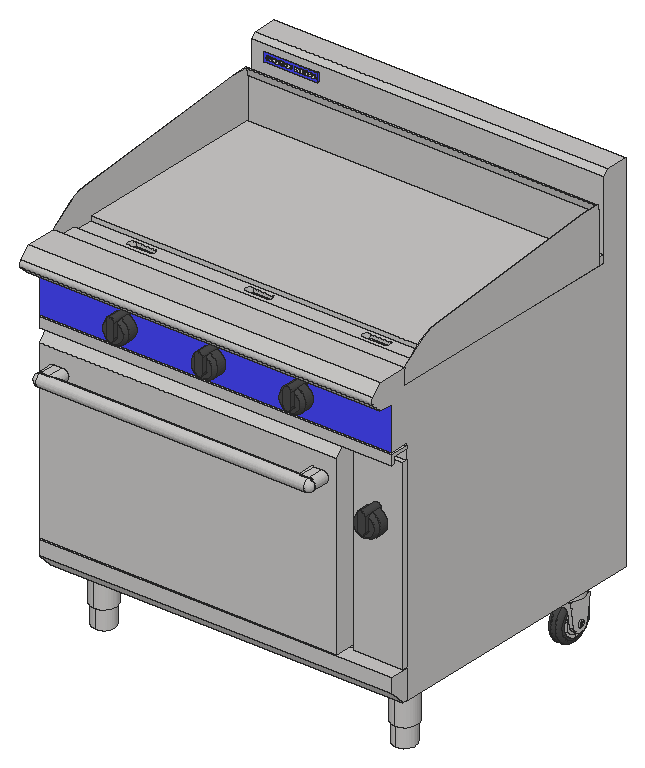
Revit family "QF_MOFFAT_BLUESEAL_CE_G506A", category Specialty Equipment, Revit 2012
Parameters
  Width = 900 mm  # constant formula
  Weight in Pounds = 460
  URL Cutsheet = "www.moffat.com"
  URL = "www.moffat.com"
  Type Mark [instance] = ""
  Status [instance] = ""
  Specification by User [instance] = ""
  Specification by Manufacturer = ""
  Show Logo [instance] = yes
  Show Clearance [instance] = yes
  Show Casters [instance] = yes
  Serial Number = ""
  Seismic Rating = ""
  SMACNA No = ""
  Revision Code [instance] = ""
  Omniclass Number and Title = ""
  NAFEM Spec ID Number = ""
  Model = "G506A"
  Mechanical Remarks = ""
  Mechanical Connection Type [instance] = ""
  Masterspec = ""
  Manufacturer = "MOFFAT BLUESEAL"
  Legs [instance] = not(Show Casters)  # no
  Item Number [instance] = ""
  Installed By [instance] = ""
  Identify Quantity as Lot [instance] = yes
  Height = 970 mm  # constant formula
  Gas Size = 3/4"
  Gas RI Height [instance] = 0 mm
  Gas KW [instance] = 27
  Gas Input [instance] = 91000.0 Btu/h
  Gas Connection Height = 0 mm
  Furnished By [instance] = ""
  Foodservice Equipment Identifier [instance] = yes
  Description = "900MM GAS RANGE WITH STATIC OVEN"
  Depth = 812 mm  # constant formula
  CSI MasterFormat = ""
  CSI Master Format = ""
  Body Finish = QF_Finishes_Stainless Steel
Reference planes
  plane 1 "BACK": y = 0
  plane 2: z = 0
  plane 3 "LEFT": x = 0
  plane 4 "RIGHT": x = 900
  plane 5 "FRONT": y = -812
  plane 6 "TOP": z = 970
  plane 7 "Center Y": x = 450
  plane 8 "Center X": y = -406
  plane 9: x = 280
  plane 10: y = -574.272
  plane 11: x = 60
  plane 12: y = -304.972
  plane 13: y = -364.972
  plane 14: x = 74
  plane 15: y = -812
  plane 16: x = 834.5
  plane 17: y = -32
  plane 18: z = 655
  plane 19: y = -100
  plane 20: z = 1085
  plane 21: y = -705
Forms (mm)
  Extrusion 1, solid, material "QF_Finishes_Stainless Steel" <- "Body Finish"
    sketch origin (0, 0, 0) x (0, 1, 0) y (0, 0, 1)
      loop
        line (0, 150) -> (0, 1085) -> (-57.5, 1085) -> (-70, 1072.5) -> (-70, 875) -> (-705, 875) -> (-705, 915) -> (-783.97, 915) -> (-808.476, 890.494)
        arc (-808.476, 890.494) -> (-811.994, 882) -> (-808.476, 873.506) r 12.013
        line (-808.476, 873.506) -> (-784.97, 850) -> (-749, 850) -> (-749, 740) -> (-699, 740) -> (-699, 150) -> (0, 150)
    from 0 to 900
  Extrusion 2, solid, material "QF_Finishes_Stainless Steel"
    sketch origin (0, 7, 0) x (0, 1, 0) y (0, 0, 1)
      loop
        line (-706, 700) -> (-732, 700) -> (-756, 676) -> (-756, 227.5) -> (-706, 227.5) -> (-706, 700)
    from 0 to 760
  Extrusion 3, solid, material "QF_Finishes_Stainless Steel"
    sketch origin (723.5, 7, 0) x (0, 1, 0) y (0, 0, 1)
      loop
        line (-706, 700) -> (-721, 700) -> (-721, 227.5) -> (-706, 227.5) -> (-706, 700)
    from 51.5 to 176.5
  Revolve 4, solid, material "QF_Finishes_Stainless Steel" <- "Body Finish"
    sketch origin (834.5, -696.126, 0) x (0, 1, 0) y (0, 0, -1)
      loop
        line (39.376, -150) -> (71.126, -150) -> (71.126, 0) -> (43.626, 0) -> (43.626, -50) -> (39.376, -50) -> (39.376, -150)
      axis (71.126, -150) -> (71.126, 0)
    angle from 0 to 360
  Revolve 5, solid, material "QF_Finishes_Stainless Steel" <- "Body Finish"
    sketch origin (65.5, -696.126, 0) x (0, 1, 0) y (0, 0, 1)
      loop
        line (39.376, 150) -> (39.376, 50) -> (43.626, 50) -> (43.626, 0) -> (71.126, 0) -> (71.126, 150) -> (39.376, 150)
      axis (71.126, 150) -> (71.126, 0)
    angle from 0 to 360
  Extrusion 6, solid, material "QF_Finishes_Stainless Steel"
    sketch origin (-64.5, 0, 325) x (1, 0, 0) y (0, 1, 0)
      loop
        circle (834.5, -32) r 10
    from 330 to 371
  Revolve 7, solid, material "QF_Finishes_Black"
    sketch origin (674.351, 45.874, -0.118) x (0, 1, 0) y (0, 0, 1)
      loop
        line (-827.874, 829.5) -> (-838.874, 823.651) -> (-838.874, 797) -> (-794.874, 797) -> (-794.874, 802) -> (-804.874, 802) -> (-804.874, 829.5) -> (-827.874, 829.5)
      axis (-838.874, 797) -> (-794.874, 797)
    angle from 0 to 360
  Revolve 8, solid, material "QF_Finishes_Black"
    sketch origin (223.149, 45.874, -0.118) x (0, 1, 0) y (0, 0, -1)
      loop
        line (-827.874, -829.5) -> (-804.874, -829.5) -> (-804.874, -802) -> (-794.874, -802) -> (-794.874, -797) -> (-838.874, -797) -> (-838.874, -823.651) -> (-827.874, -829.5)
      axis (-838.874, -797) -> (-794.874, -797)
    angle from 0 to 360
  Revolve 9, solid, material "QF_Finishes_Black"
    sketch origin (450, 45.874, -0.118) x (0, 1, 0) y (0, 0, -1)
      loop
        line (-827.874, -829.5) -> (-804.874, -829.5) -> (-804.874, -802) -> (-794.874, -802) -> (-794.874, -797) -> (-838.874, -797) -> (-838.874, -823.651) -> (-827.874, -829.5)
      axis (-838.874, -797) -> (-794.874, -797)
    angle from 0 to 360
  Extrusion 10, solid, material "QF_Finishes_Black"
    sketch origin (370.956, 7, -0.118) x (-1, 0, 0) y (0, 0, -1)
      loop
        arc (158.3, -789) -> (148.3, -779) -> (138.3, -789) r 10
        line (138.3, -789) -> (138.3, -824)
        arc (138.3, -824) -> (148.3, -834) -> (158.3, -824) r 10
        line (158.3, -824) -> (158.3, -789)
    from 759 to 808
  Extrusion 11, solid, material "QF_Finishes_Black"
    sketch origin (526.544, 7, -0.118) x (1, 0, 0) y (0, 0, 1)
      loop
        line (158.3, 789) -> (158.3, 824)
        arc (158.3, 824) -> (148.3, 834) -> (138.3, 824) r 10
        line (138.3, 824) -> (138.3, 789)
        arc (138.3, 789) -> (148.3, 779) -> (158.3, 789) r 10
    from 759 to 808
  Extrusion 12, solid, material "QF_Finishes_Black"
    sketch origin (597.807, 7, -0.118) x (-1, 0, 0) y (0, 0, -1)
      loop
        arc (158.3, -789) -> (148.3, -779) -> (138.3, -789) r 10
        line (138.3, -789) -> (138.3, -824)
        arc (138.3, -824) -> (148.3, -834) -> (158.3, -824) r 10
        line (158.3, -824) -> (158.3, -789)
    from 759 to 808
  Revolve 13, solid, material "QF_Finishes_Black"
    sketch origin (836.851, 80.874, -243.743) x (0, 1, 0) y (0, 0, 1)
      loop
        line (-827.874, 829.5) -> (-838.874, 823.651) -> (-838.874, 797) -> (-794.874, 797) -> (-794.874, 802) -> (-804.874, 802) -> (-804.874, 829.5) -> (-827.874, 829.5)
      axis (-838.874, 797) -> (-794.874, 797)
    angle from 0 to 360
  Extrusion 14, solid, material "QF_Finishes_Black"
    sketch origin (689.044, 42, -243.743) x (1, 0, 0) y (0, 0, 1)
      loop
        line (158.3, 789) -> (158.3, 824)
        arc (158.3, 824) -> (148.3, 834) -> (138.3, 824) r 10
        line (138.3, 824) -> (138.3, 789)
        arc (138.3, 789) -> (148.3, 779) -> (158.3, 789) r 10
    from 759 to 808
  Extrusion 15, solid, material "QF_Door-Drawer Clearances", visible <- "Show Clearance", detail levels coarse
    sketch origin (0, 7, 0) x (0, -1, 0) y (0, 0, 1)
      loop
        line (756, 697.347) -> (756, 227.5) -> (1225.847, 227.5)
        arc (1225.847, 227.5) -> (1088.232, 559.732) -> (756, 697.347) r 469.847
    from 0 to -760
  Extrusion 16, void
    sketch origin (0, 0, 220) x (1, 0, 0) y (0, 1, 0)
      loop
        line (824, -87) -> (824, 0) -> (694, 0) -> (694, -39) -> (744, -87) -> (824, -87)
    from 0 to 476
  Extrusion 17, solid, material "QF_Finishes_Stainless Steel"
    sketch origin (0, -749, 227.5) x (0, 0, 1) y (-1, 0, 0)
      loop
        line (380.625, -38.246) -> (380.625, -58.528)
        arc (380.625, -58.528) -> (395.625, -73.528) -> (410.625, -58.528) r 15
        line (410.625, -58.528) -> (410.625, -38.246)
        arc (410.625, -38.246) -> (395.625, -23.246) -> (380.625, -38.246) r 15
      loop
        arc (380.625, -723.039) -> (395.625, -738.039) -> (410.625, -723.039) r 15
        line (410.625, -723.039) -> (410.625, -702.757)
        arc (410.625, -702.757) -> (395.625, -687.757) -> (380.625, -702.757) r 15
        line (380.625, -702.757) -> (380.625, -723.039)
    from 0 to 44
  Revolve 18, solid, material "QF_Finishes_Stainless Steel"
    sketch origin (0, -793, 0) x (1, 0, 0) y (0, 0, 1)
      loop
        arc (738.039, 623.125) -> (733.646, 633.732) -> (723.039, 638.125) r 15
        line (723.039, 638.125) -> (38.246, 638.125)
        arc (38.246, 638.125) -> (27.64, 633.732) -> (23.246, 623.125) r 15
        line (23.246, 623.125) -> (738.039, 623.125)
      axis (738.039, 623.125) -> (23.246, 623.125)
    angle from 0 to 360
  Extrusion 19, solid, material "QF_Finishes_Stainless Steel" <- "Body Finish"
    sketch origin (0, 7, 0) x (0, 1, 0) y (0, 0, 1)
      loop
        line (-756, 710) -> (-747.224, 710) -> (-749.613, 726.999) -> (-707.93, 726.999) -> (-707.93, 734.003) -> (-756, 734.003) -> (-756, 710)
    from 0 to 900
  Extrusion 20, solid, material "QF_Finishes_Stainless Steel" <- "Body Finish"
    sketch origin (0, 4.73, 0) x (0, 1, 0) y (0, 0, 1)
      loop
        line (-753.73, 222.5) -> (-753.73, 186) -> (-717.802, 150.071) -> (-703.73, 150.071) -> (-703.73, 222.5) -> (-753.73, 222.5)
    from 0 to 900
  Extrusion 21, solid, material "QF_Finishes_Stainless Steel", visible <- "Show Casters"
    sketch origin (71.501, 133.353, -8.783) x (0, 1, 0) y (0, 0, 1)
      loop
        line (-201.603, 118.783) -> (-265.103, 118.783) -> (-252.746, 53.895)
        arc (-252.746, 53.895) -> (-233.353, 38.783) -> (-213.959, 53.895) r 20
        line (-213.959, 53.895) -> (-201.603, 118.783)
    from -35.667 to 22.923
  Revolve 22, solid, material "QF_Finishes_Stainless Steel", visible <- "Show Casters"
    sketch origin (65, -203, 0) x (0, 1, 0) y (0, 0, 1)
      loop
        line (67.25, 150) -> (67.25, 110) -> (103, 110) -> (103, 150) -> (67.25, 150)
      axis (103, 150) -> (103, 110)
    angle from 0 to 360
  Revolve 23, solid, material "QF_Finishes_Stainless Steel", visible <- "Show Casters"
    sketch origin (834.5, -203, 0) x (0, 1, 0) y (0, 0, -1)
      loop
        line (67.25, -150) -> (103, -150) -> (103, -110) -> (67.25, -110) -> (67.25, -150)
      axis (103, -150) -> (103, -110)
    angle from 0 to 360
  Revolve 24, solid, material "QF_Finishes_Stainless Steel", visible <- "Show Casters"
    sketch origin (785.276, -99.755, -13.653) x (1, 0, 0) y (0, 0, 1)
      loop
        line (14.841, 64.453) -> (83.584, 64.453) -> (83.584, 67.958) -> (82.314, 69.228) -> (80.79, 69.228) -> (80.79, 72.674) -> (68.644, 72.674) -> (68.644, 82.639) -> (65.088, 84.692) -> (63.738, 93.028) -> (65.881, 93.028) -> (65.881, 99.378) -> (65.088, 99.378) -> (65.088, 105.728)
        arc (65.088, 105.728) -> (62.298, 112.463) -> (55.563, 115.253) r 9.525
        line (55.563, 115.253) -> (42.863, 115.253)
        arc (42.863, 115.253) -> (36.127, 112.463) -> (33.338, 105.728) r 9.525
        line (33.338, 105.728) -> (33.338, 99.378) -> (32.544, 99.378) -> (32.544, 93.028) -> (34.687, 93.028) -> (33.352, 84.781) -> (29.782, 82.719) -> (29.782, 72.674) -> (17.635, 72.674) -> (17.635, 69.228) -> (16.111, 69.228) -> (14.841, 67.958) -> (14.841, 64.453)
      axis (14.841, 64.453) -> (83.584, 64.453)
    angle from 0 to 360
  Extrusion 25, solid, material "QF_Finishes_Stainless Steel", visible <- "Show Casters"
    sketch origin (841.001, 133.353, -8.783) x (0, 1, 0) y (0, 0, 1)
      loop
        line (-201.603, 118.783) -> (-265.103, 118.783) -> (-252.746, 53.895)
        arc (-252.746, 53.895) -> (-233.353, 38.783) -> (-213.959, 53.895) r 20
        line (-213.959, 53.895) -> (-201.603, 118.783)
    from -35.667 to 22.923
  Revolve 26, solid, material "QF_Finishes_Stainless Steel", visible <- "Legs"
    sketch origin (65, -165, 0) x (0, 1, 0) y (0, 0, 1)
      loop
        line (33.25, 150) -> (33.25, 50) -> (37.5, 50) -> (37.5, 0) -> (65, 0) -> (65, 150) -> (33.25, 150)
      axis (65, 150) -> (65, 0)
    angle from 0 to 360
  Revolve 27, solid, material "QF_Finishes_Stainless Steel", visible <- "Legs"
    sketch origin (834.5, -165, 0) x (0, 1, 0) y (0, 0, -1)
      loop
        line (33.25, -150) -> (65, -150) -> (65, 0) -> (37.5, 0) -> (37.5, -50) -> (33.25, -50) -> (33.25, -150)
      axis (65, -150) -> (65, 0)
    angle from 0 to 360
  Revolve 28, solid, material "QF_Finishes_Stainless Steel", visible <- "Show Casters"
    sketch origin (114.224, -99.755, -13.653) x (-1, 0, 0) y (0, 0, -1)
      loop
        line (14.841, -64.453) -> (14.841, -67.958) -> (16.111, -69.228) -> (17.635, -69.228) -> (17.635, -72.674) -> (29.782, -72.674) -> (29.782, -82.719) -> (33.352, -84.781) -> (34.687, -93.028) -> (32.544, -93.028) -> (32.544, -99.378) -> (33.338, -99.378) -> (33.338, -105.728)
        arc (33.338, -105.728) -> (36.127, -112.463) -> (42.863, -115.253) r 9.525
        line (42.863, -115.253) -> (55.563, -115.253)
        arc (55.563, -115.253) -> (62.298, -112.463) -> (65.088, -105.728) r 9.525
        line (65.088, -105.728) -> (65.088, -99.378) -> (65.881, -99.378) -> (65.881, -93.028) -> (63.738, -93.028) -> (65.088, -84.692) -> (68.644, -82.639) -> (68.644, -72.674) -> (80.79, -72.674) -> (80.79, -69.228) -> (82.314, -69.228) -> (83.584, -67.958) -> (83.584, -64.453) -> (14.841, -64.453)
      axis (14.841, -64.453) -> (83.584, -64.453)
    angle from 0 to 360
Cuts and joins
  Extrusion 16 cuts Extrusion 1
Lines and regions (mm)
  Split face 1
    outline origin (900, 0, 1085) x (-1, 0, 0) y (0, -1, 0)
      loop
        arc (867.206, 18.385) -> (875.866, 23.385) -> (875.866, 33.385) r 10
        line (875.866, 33.385) -> (871.824, 40.385)
        arc (871.824, 40.385) -> (868.164, 44.045) -> (863.164, 45.385) r 10
        line (863.164, 45.385) -> (635.206, 45.385)
        arc (635.206, 45.385) -> (626.545, 40.385) -> (626.545, 30.385) r 10
        line (626.545, 30.385) -> (630.587, 23.385)
        arc (630.587, 23.385) -> (634.247, 19.725) -> (639.247, 18.385) r 10
        line (639.247, 18.385) -> (867.206, 18.385)
  Split face 2
    outline origin (900, 0, 1085) x (-1, 0, 0) y (0, -1, 0)
      loop
        arc (567.206, 18.385) -> (575.866, 23.385) -> (575.866, 33.385) r 10
        line (575.866, 33.385) -> (571.824, 40.385)
        arc (571.824, 40.385) -> (568.164, 44.045) -> (563.164, 45.385) r 10
        line (563.164, 45.385) -> (335.206, 45.385)
        arc (335.206, 45.385) -> (326.545, 40.385) -> (326.545, 30.385) r 10
        line (326.545, 30.385) -> (330.587, 23.385)
        arc (330.587, 23.385) -> (334.247, 19.725) -> (339.247, 18.385) r 10
        line (339.247, 18.385) -> (567.206, 18.385)
  Split face 3
    outline origin (900, 0, 1085) x (-1, 0, 0) y (0, -1, 0)
      loop
        arc (35.206, 45.385) -> (26.545, 40.385) -> (26.545, 30.385) r 10
        line (26.545, 30.385) -> (30.587, 23.385)
        arc (30.587, 23.385) -> (34.247, 19.725) -> (39.247, 18.385) r 10
        line (39.247, 18.385) -> (267.206, 18.385)
        arc (267.206, 18.385) -> (275.866, 23.385) -> (275.866, 33.385) r 10
        line (275.866, 33.385) -> (271.824, 40.385)
        arc (271.824, 40.385) -> (268.164, 44.045) -> (263.164, 45.385) r 10
        line (263.164, 45.385) -> (35.206, 45.385)
  symbolic lines
    curve 1: line (0, 0, 0) -> (0, -812, 0)
    curve 2: line (900, 0, 0) -> (0, 0, 0)
    curve 3: line (900, -812, 0) -> (900, 0, 0)
    curve 4: line (0, -70, 0) -> (900, -70, 0)
    curve 5: line (900, -812, 0) -> (0, -812, 0)
    curve 6: line (900, -705, 0) -> (0, -705, 0)
    curve 7: line (0, -701.7, 0) -> (900, -701.7, 0)
    curve 8: line (900, -72.734, 0) -> (0, -72.734, 0)
    curve 9: arc (22.65, -812, 0) -> (34.104, -822.278, 0) -> (48.889, -826.544, 0) r 34.455
    curve 10: line (48.889, -826.544, 0) -> (721.858, -826.544, 0)
    curve 11: arc (721.858, -826.544, 0) -> (736.403, -822.647, 0) -> (747.05, -812, 0) r 29.089
    curve 15: line (32.794, -18.385, 0) -> (260.753, -18.385, 0)
    curve 16: arc (260.753, -18.385, 0) -> (265.753, -19.725, 0) -> (269.413, -23.385, 0) r 10
    curve 17: line (269.413, -23.385, 0) -> (273.455, -30.385, 0)
    curve 18: arc (273.455, -30.385, 0) -> (273.455, -40.385, 0) -> (264.794, -45.385, 0) r 10
    curve 19: line (264.794, -45.385, 0) -> (36.836, -45.385, 0)
    curve 20: arc (36.836, -45.385, 0) -> (31.836, -44.045, 0) -> (28.176, -40.385, 0) r 10
    curve 21: line (28.176, -40.385, 0) -> (24.134, -33.385, 0)
    curve 22: arc (24.134, -33.385, 0) -> (24.134, -23.385, 0) -> (32.794, -18.385, 0) r 10
    curve 23: line (560.753, -18.385, 0) -> (332.794, -18.385, 0)
    curve 24: arc (332.794, -18.385, 0) -> (324.134, -23.385, 0) -> (324.134, -33.385, 0) r 10
    curve 25: line (324.134, -33.385, 0) -> (328.176, -40.385, 0)
    curve 26: arc (328.176, -40.385, 0) -> (331.836, -44.045, 0) -> (336.836, -45.385, 0) r 10
    curve 27: line (336.836, -45.385, 0) -> (564.794, -45.385, 0)
    curve 28: arc (564.794, -45.385, 0) -> (573.455, -40.385, 0) -> (573.455, -30.385, 0) r 10
    curve 29: line (573.455, -30.385, 0) -> (569.413, -23.385, 0)
    curve 30: arc (569.413, -23.385, 0) -> (565.753, -19.725, 0) -> (560.753, -18.385, 0) r 10
    curve 31: line (632.794, -18.385, 0) -> (860.753, -18.385, 0)
    curve 32: arc (860.753, -18.385, 0) -> (865.753, -19.725, 0) -> (869.413, -23.385, 0) r 10
    curve 33: line (869.413, -23.385, 0) -> (873.455, -30.385, 0)
    curve 34: arc (873.455, -30.385, 0) -> (873.455, -40.385, 0) -> (864.794, -45.385, 0) r 10
    curve 35: line (864.794, -45.385, 0) -> (636.836, -45.385, 0)
    curve 36: arc (636.836, -45.385, 0) -> (631.836, -44.045, 0) -> (628.176, -40.385, 0) r 10
    curve 37: line (628.176, -40.385, 0) -> (624.134, -33.385, 0)
    curve 38: arc (624.134, -33.385, 0) -> (624.134, -23.385, 0) -> (632.794, -18.385, 0) r 10
    curve 39: line (0, -783.97, 0) -> (900, -783.97, 0)
    curve 40: line (0, -57.5, 0) -> (900, -57.5, 0)
  symbolic lines, style "QF_Door-Drawer Clearances", visible <- "Show Clearance"
    curve 12: line (0, -1218.847, 0) -> (0, -812, 0)
    curve 13: line (0, -1218.847, 0) -> (760, -1218.847, 0)
    curve 14: line (760, -1218.847, 0) -> (760, -812, 0)
Dimensions and locks
  equal spacing: plane 3 "LEFT", plane 7 "Center Y", plane 4 "RIGHT"
  "Width": plane 3 "LEFT" to plane 4 "RIGHT"
  equal spacing: plane 5 "FRONT", plane 8 "Center X", plane 1 "BACK"
  plane 5 "FRONT" to plane 1 "BACK" = 812 mm  (x2)
  equal spacing: plane 4 "RIGHT", plane 7 "Center Y", plane 3 "LEFT"
  plane 4 "RIGHT" to plane 3 "LEFT" = 900 mm
  "Height": plane 6 "TOP" to level
  plane 10 to plane 1 "BACK" = 574.272 mm
  plane 12 to plane 1 "BACK" = 304.972 mm  (x2)
  plane 11 to plane 3 "LEFT" = 60 mm
  plane 14 to plane 3 "LEFT" = 74 mm
  plane 9 to plane 3 "LEFT" = 280 mm
  "Depth": plane 1 "BACK" to plane 15
  plane 15 to plane 5 "FRONT" = 0 mm
  plane 6 "TOP" to plane 2 = 970 mm
  plane 2 to Extrusion 1 sketch curve = 875 mm
  locked: plane 2 to Extrusion 1 sketch curve at 915
  Revolve 24 sketch curve to Revolve 24 sketch curve = 50.8 mm
  Revolve 28 sketch curve to Revolve 28 sketch curve = 50.8 mm
  plane 20 to level = 1085 mm
  aligned and locked: level to plane 2
  aligned and locked: curve 3 to plane 4 "RIGHT"
Automatic sketch dimensions
  Extrusion 1 sketch curve to plane 21 = 0 mm
  Extrusion 1 sketch curve to plane 20 = 0 mm
  Extrusion 1 sketch curve to plane 1 "BACK" = 0 mm
  plane 21 to Extrusion 1 sketch curve = 44 mm
  Extrusion 1 sketch curve to plane 5 "FRONT" = 28.03 mm
  Extrusion 1 sketch curve to plane 5 "FRONT" = 27.03 mm
  Extrusion 1 sketch curve to plane 5 "FRONT" = 12.018 mm
  Extrusion 1 sketch curve to plane 5 "FRONT" = 3.524 mm  (x2)
  Extrusion 1 sketch curve to plane 21 = 6 mm
  Extrusion 1 sketch curve to plane 20 = 12.5 mm
  plane 19 to Extrusion 1 sketch curve = 30 mm
  Extrusion 1 sketch curve to Extrusion 1 sketch curve = 12.5 mm
  Extrusion 1 sketch curve to Extrusion 1 sketch curve = 41.494 mm
  Extrusion 1 sketch curve to Extrusion 1 sketch curve = 25 mm
  plane 18 to Extrusion 1 sketch curve = 85 mm
  level to Extrusion 1 sketch curve = 150 mm
  Extrusion 1 sketch curve to Extrusion 1 sketch curve = 8.494 mm
  plane 21 to Extrusion 2 sketch curve = 20 mm
  Extrusion 2 sketch curve to plane 21 = 6 mm
  level to Extrusion 2 sketch curve = 227.5 mm
  plane 21 to Extrusion 3 sketch curve = 9 mm
  Extrusion 3 sketch curve to plane 21 = 6 mm
  level to Extrusion 3 sketch curve = 227.5 mm
  plane 18 to Extrusion 3 sketch curve = 45 mm
  Revolve 4 sketch curve to level = 0 mm
  Revolve 4 sketch curve to plane 21 = 48.25 mm
  Revolve 4 sketch curve to Revolve 4 sketch curve = 4.25 mm
  Revolve 4 sketch curve to Revolve 4 sketch curve = 27.5 mm  (x2)
  level to Revolve 4 sketch curve = 50 mm
  Revolve 4 sketch curve to Revolve 4 sketch curve = 0 mm
  Revolve 4 sketch curve to Revolve 4 sketch curve = 100 mm
  Revolve 4 sketch curve to Revolve 4 sketch curve = 55 mm
  Revolve 5 sketch curve to level = 0 mm
  Revolve 5 sketch curve to plane 21 = 48.25 mm
  Revolve 5 sketch curve to Revolve 5 sketch curve = 4.25 mm
  Revolve 5 sketch curve to Revolve 5 sketch curve = 27.5 mm  (x2)
  Revolve 5 sketch curve to level = 55 mm
  Revolve 5 sketch curve to Revolve 5 sketch curve = 50 mm
  Revolve 5 sketch curve to Revolve 5 sketch curve = 0 mm
  Revolve 5 sketch curve to Revolve 5 sketch curve = 100 mm
  Extrusion 6 sketch curve to plane 17 = 0 mm
  Extrusion 6 sketch curve to plane 16 = 64.5 mm
  Revolve 7 sketch curve to plane 5 "FRONT" = 19 mm
  Revolve 7 sketch curve to Revolve 7 sketch curve = 0 mm  (x2)
  Revolve 7 sketch curve to Revolve 7 sketch curve = 11 mm
  Revolve 7 sketch curve to Revolve 7 sketch curve = 12.7 mm
  Revolve 7 sketch curve to Revolve 7 sketch curve = 23 mm
  Revolve 7 sketch curve to Revolve 7 sketch curve = 10 mm
  plane 18 to Revolve 7 sketch curve = 141.882 mm
  Revolve 7 sketch curve to Revolve 7 sketch curve = 5 mm
  Revolve 7 sketch curve to Revolve 7 sketch curve = 26.651 mm
  Revolve 7 sketch curve to Revolve 7 sketch curve = 5.849 mm
  Revolve 8 sketch curve to plane 5 "FRONT" = 19 mm
  Revolve 8 sketch curve to Revolve 8 sketch curve = 0 mm  (x2)
  Revolve 8 sketch curve to Revolve 8 sketch curve = 11 mm
  Revolve 8 sketch curve to Revolve 8 sketch curve = 12.7 mm
  Revolve 8 sketch curve to Revolve 8 sketch curve = 23 mm
  Revolve 8 sketch curve to Revolve 8 sketch curve = 10 mm
  Revolve 8 sketch curve to plane 6 "TOP" = 140.618 mm
  Revolve 8 sketch curve to Revolve 8 sketch curve = 5.849 mm
  Revolve 8 sketch curve to Revolve 8 sketch curve = 27.5 mm
  Revolve 8 sketch curve to Revolve 8 sketch curve = 5 mm
  Revolve 9 sketch curve to plane 5 "FRONT" = 19 mm
  Revolve 9 sketch curve to Revolve 9 sketch curve = 0 mm  (x2)
  Revolve 9 sketch curve to Revolve 9 sketch curve = 11 mm
  Revolve 9 sketch curve to Revolve 9 sketch curve = 12.7 mm
  Revolve 9 sketch curve to Revolve 9 sketch curve = 23 mm
  Revolve 9 sketch curve to Revolve 9 sketch curve = 10 mm
  Revolve 9 sketch curve to plane 6 "TOP" = 140.618 mm
  Revolve 9 sketch curve to Revolve 9 sketch curve = 5.849 mm
  Revolve 9 sketch curve to Revolve 9 sketch curve = 27.5 mm
  Revolve 9 sketch curve to Revolve 9 sketch curve = 5 mm
  plane 14 to Extrusion 10 sketch curve = 158.656 mm
  Extrusion 10 sketch curve to Extrusion 10 sketch curve = 10 mm
  Extrusion 10 sketch curve to plane 6 "TOP" = 146.118 mm
  Extrusion 10 sketch curve to Extrusion 10 sketch curve = 35 mm
  Extrusion 11 sketch curve to plane 16 = 169.656 mm
  Extrusion 11 sketch curve to plane 16 = 159.656 mm
  plane 18 to Extrusion 11 sketch curve = 133.882 mm
  Extrusion 11 sketch curve to Extrusion 11 sketch curve = 35 mm
  plane 7 "Center Y" to Extrusion 12 sketch curve = 9.507 mm
  Extrusion 12 sketch curve to Extrusion 12 sketch curve = 10 mm
  Extrusion 12 sketch curve to plane 6 "TOP" = 146.118 mm
  Extrusion 12 sketch curve to Extrusion 12 sketch curve = 35 mm
  Revolve 13 sketch curve to plane 5 "FRONT" = 54 mm
  Revolve 13 sketch curve to Revolve 13 sketch curve = 0 mm  (x2)
  Revolve 13 sketch curve to Revolve 13 sketch curve = 11 mm
  Revolve 13 sketch curve to Revolve 13 sketch curve = 12.7 mm
  plane 21 to Revolve 13 sketch curve = 19 mm
  plane 21 to Revolve 13 sketch curve = 9 mm
  Revolve 13 sketch curve to plane 18 = 101.743 mm
  Revolve 13 sketch curve to Revolve 13 sketch curve = 5 mm
  Revolve 13 sketch curve to Revolve 13 sketch curve = 26.651 mm
  Revolve 13 sketch curve to Revolve 13 sketch curve = 5.849 mm
  Extrusion 14 sketch curve to plane 16 = 7.156 mm
  plane 16 to Extrusion 14 sketch curve = 2.844 mm
  Extrusion 14 sketch curve to plane 18 = 109.743 mm
  Extrusion 14 sketch curve to Extrusion 14 sketch curve = 35 mm
  plane 21 to Extrusion 15 sketch curve = 44 mm
  level to Extrusion 15 sketch curve = 227.5 mm
  plane 5 "FRONT" to Extrusion 15 sketch curve = 406.847 mm
  plane 1 "BACK" to Extrusion 16 sketch curve = 0 mm
  Extrusion 16 sketch curve to plane 17 = 7 mm
  Extrusion 16 sketch curve to plane 16 = 140.5 mm
  plane 19 to Extrusion 16 sketch curve = 13 mm
  Extrusion 16 sketch curve to Extrusion 16 sketch curve = 50 mm
  Extrusion 16 sketch curve to plane 16 = 10.5 mm
  Extrusion 17 sketch curve to plane 11 = 1.472 mm
  Extrusion 17 sketch curve to plane 18 = 46.875 mm  (x2)
  Extrusion 17 sketch curve to Extrusion 17 sketch curve = 15 mm  (x2)
  Extrusion 17 sketch curve to plane 16 = 131.743 mm
  Extrusion 17 sketch curve to Extrusion 17 sketch curve = 20.282 mm  (x2)
  Revolve 18 sketch curve to plane 3 "LEFT" = 6.961 mm
  plane 3 "LEFT" to Revolve 18 sketch curve = 23.246 mm
  Revolve 18 sketch curve to plane 18 = 16.875 mm
  Revolve 18 sketch curve to Revolve 18 sketch curve = 15 mm
  Revolve 18 sketch curve to plane 18 = 31.875 mm
  plane 7 "Center Y" to Revolve 18 sketch curve = 138.039 mm
  Revolve 18 sketch curve to plane 16 = 111.461 mm
  plane 21 to Extrusion 19 sketch curve = 44 mm
  Extrusion 19 sketch curve to Extrusion 19 sketch curve = 6.387 mm
  Extrusion 19 sketch curve to Extrusion 19 sketch curve = 8.776 mm
  Extrusion 19 sketch curve to plane 21 = 4.07 mm
  plane 18 to Extrusion 19 sketch curve = 55 mm
  Extrusion 19 sketch curve to Extrusion 19 sketch curve = 16.999 mm
  Extrusion 19 sketch curve to Extrusion 19 sketch curve = 7.004 mm
  Extrusion 21 sketch curve to plane 19 = 0 mm
  Extrusion 21 sketch curve to plane 19 = 19.393 mm
  Extrusion 21 sketch curve to plane 19 = 31.75 mm
  plane 19 to Extrusion 21 sketch curve = 19.393 mm
  plane 19 to Extrusion 21 sketch curve = 31.75 mm
  level to Extrusion 21 sketch curve = 45.111 mm
  Extrusion 21 sketch curve to Extrusion 21 sketch curve = 4.889 mm
  Extrusion 21 sketch curve to Extrusion 21 sketch curve = 64.889 mm
  Revolve 22 sketch curve to plane 19 = 0 mm  (x2)
  Revolve 22 sketch curve to plane 19 = 35.75 mm
  Revolve 22 sketch curve to level = 55 mm
  level to Revolve 22 sketch curve = 50 mm
  Revolve 22 sketch curve to Revolve 22 sketch curve = 60 mm
  Revolve 22 sketch curve to Revolve 22 sketch curve = 40 mm
  Revolve 23 sketch curve to plane 19 = 0 mm  (x2)
  Revolve 23 sketch curve to plane 19 = 35.75 mm
  level to Revolve 23 sketch curve = 150 mm
  Revolve 23 sketch curve to Revolve 23 sketch curve = 40 mm
  level to Revolve 23 sketch curve = 50 mm
  Revolve 23 sketch curve to level = 55 mm
  Revolve 24 sketch curve to plane 16 = 34.382 mm
  Revolve 24 sketch curve to Revolve 24 sketch curve = 1.27 mm  (x4)
  Revolve 24 sketch curve to Revolve 24 sketch curve = 1.524 mm  (x2)
  Revolve 24 sketch curve to Revolve 24 sketch curve = 12.146 mm  (x2)
  Revolve 24 sketch curve to plane 16 = 16.68 mm
  Revolve 24 sketch curve to Revolve 24 sketch curve = 0.794 mm  (x2)
  Revolve 24 sketch curve to Revolve 24 sketch curve = 3.57 mm
  Revolve 24 sketch curve to Revolve 24 sketch curve = 2.143 mm
  Revolve 24 sketch curve to plane 16 = 6.361 mm
  plane 16 to Revolve 24 sketch curve = 5.13 mm
  plane 16 to Revolve 24 sketch curve = 6.339 mm
  plane 16 to Revolve 24 sketch curve = 14.515 mm
  Revolve 24 sketch curve to Revolve 24 sketch curve = 1.349 mm  (x2)
  Revolve 24 sketch curve to Revolve 24 sketch curve = 3.556 mm
  Revolve 24 sketch curve to plane 4 "RIGHT" = 2.18 mm
  level to Revolve 24 sketch curve = 50.8 mm
  Revolve 24 sketch curve to Revolve 24 sketch curve = 0 mm
  Revolve 24 sketch curve to Revolve 24 sketch curve = 3.505 mm  (x2)
  Revolve 24 sketch curve to Revolve 24 sketch curve = 3.447 mm  (x2)
  Revolve 24 sketch curve to Revolve 24 sketch curve = 9.964 mm
  Revolve 24 sketch curve to Revolve 24 sketch curve = 10.045 mm
  Revolve 24 sketch curve to Revolve 24 sketch curve = 2.053 mm
  Revolve 24 sketch curve to Revolve 24 sketch curve = 2.061 mm
  Revolve 24 sketch curve to Revolve 24 sketch curve = 8.247 mm
  Revolve 24 sketch curve to Revolve 24 sketch curve = 8.336 mm
  Revolve 24 sketch curve to Revolve 24 sketch curve = 6.35 mm  (x2)
  Extrusion 25 sketch curve to plane 19 = 0 mm
  Extrusion 25 sketch curve to plane 19 = 19.393 mm
  Extrusion 25 sketch curve to plane 19 = 31.75 mm
  plane 19 to Extrusion 25 sketch curve = 19.393 mm
  plane 19 to Extrusion 25 sketch curve = 31.75 mm
  level to Extrusion 25 sketch curve = 45.111 mm
  Extrusion 25 sketch curve to Extrusion 25 sketch curve = 4.889 mm
  Extrusion 25 sketch curve to Extrusion 25 sketch curve = 64.889 mm
  Revolve 26 sketch curve to level = 0 mm
  Revolve 26 sketch curve to plane 19 = 0 mm  (x2)
  Revolve 26 sketch curve to Revolve 26 sketch curve = 27.5 mm
  Revolve 26 sketch curve to Revolve 26 sketch curve = 31.75 mm
  Revolve 26 sketch curve to level = 55 mm
  Revolve 26 sketch curve to Revolve 26 sketch curve = 50 mm
  Revolve 26 sketch curve to Revolve 26 sketch curve = 0 mm
  Revolve 26 sketch curve to Revolve 26 sketch curve = 100 mm
  Revolve 27 sketch curve to level = 0 mm
  Revolve 27 sketch curve to plane 19 = 0 mm  (x2)
  Revolve 27 sketch curve to Revolve 27 sketch curve = 27.5 mm
  Revolve 27 sketch curve to Revolve 27 sketch curve = 31.75 mm
  level to Revolve 27 sketch curve = 50 mm
  Revolve 27 sketch curve to Revolve 27 sketch curve = 0 mm
  Revolve 27 sketch curve to Revolve 27 sketch curve = 100 mm
  Revolve 27 sketch curve to Revolve 27 sketch curve = 55 mm
  plane 14 to Revolve 28 sketch curve = 25.382 mm
  Revolve 28 sketch curve to Revolve 28 sketch curve = 1.27 mm  (x4)
  Revolve 28 sketch curve to Revolve 28 sketch curve = 1.524 mm  (x2)
  plane 14 to Revolve 28 sketch curve = 10.442 mm
  plane 14 to Revolve 28 sketch curve = 7.68 mm
  Revolve 28 sketch curve to Revolve 28 sketch curve = 0.794 mm  (x2)
  Revolve 28 sketch curve to Revolve 28 sketch curve = 3.57 mm
  Revolve 28 sketch curve to Revolve 28 sketch curve = 2.143 mm
  Revolve 28 sketch curve to plane 14 = 2.639 mm
  Revolve 28 sketch curve to plane 11 = 0.13 mm
  Revolve 28 sketch curve to plane 11 = 1.339 mm
  Revolve 28 sketch curve to plane 11 = 9.515 mm
  Revolve 28 sketch curve to Revolve 28 sketch curve = 1.349 mm  (x2)
  Revolve 28 sketch curve to Revolve 28 sketch curve = 3.556 mm
  Revolve 28 sketch curve to Revolve 28 sketch curve = 12.146 mm
  Revolve 28 sketch curve to plane 3 "LEFT" = 2.68 mm
  level to Revolve 28 sketch curve = 101.6 mm
  Revolve 28 sketch curve to Revolve 28 sketch curve = 6.35 mm  (x4)
  Revolve 28 sketch curve to Revolve 28 sketch curve = 8.247 mm
  Revolve 28 sketch curve to Revolve 28 sketch curve = 8.336 mm
  Revolve 28 sketch curve to Revolve 28 sketch curve = 2.061 mm
  Revolve 28 sketch curve to Revolve 28 sketch curve = 2.053 mm
  Revolve 28 sketch curve to Revolve 28 sketch curve = 10.045 mm
  Revolve 28 sketch curve to Revolve 28 sketch curve = 9.964 mm
  Revolve 28 sketch curve to Revolve 28 sketch curve = 3.447 mm  (x2)
  Revolve 28 sketch curve to Revolve 28 sketch curve = 3.505 mm
  plane 1 "BACK" to curve 1 = 0 mm
  curve 1 to plane 3 "LEFT" = 0 mm
  plane 5 "FRONT" to curve 9 = 0 mm
  plane 21 to curve 6 = 0 mm
  plane 3 "LEFT" to curve 9 = 22.65 mm
  curve 10 to plane 11 = 11.111 mm
  curve 9 to plane 11 = 9.192 mm
  plane 5 "FRONT" to curve 10 = 14.544 mm
  curve 10 to plane 16 = 112.642 mm
  curve 11 to curve 11 = 25.191 mm
  curve 13 to plane 16 = 74.5 mm
  curve 12 to curve 10 = 392.303 mm
  curve 8 to curve 4 = 2.734 mm
  Split face 1 sketch curve to cut or joined group of Extrusion 1, Extrusion 16 = 27.115 mm
  Split face 1 sketch curve to cut or joined group of Extrusion 1, Extrusion 16 = 626.545 mm
  Split face 1 sketch curve to Split face 1 sketch curve = 4.041 mm  (x4)
  Split face 1 sketch curve to Split face 1 sketch curve = 8.66 mm  (x2)
  Split face 1 sketch curve to cut or joined group of Extrusion 1, Extrusion 16 = 12.115 mm
  Split face 1 sketch curve to Split face 1 sketch curve = 223.917 mm
  Split face 1 sketch curve to Split face 1 sketch curve = 7 mm  (x3)
  Split face 1 sketch curve to Split face 1 sketch curve = 17 mm
  Split face 2 sketch curve to cut or joined group of Extrusion 1, Extrusion 16 = 27.115 mm
  Split face 2 sketch curve to cut or joined group of Extrusion 1, Extrusion 16 = 326.545 mm
  Split face 2 sketch curve to cut or joined group of Extrusion 1, Extrusion 16 = 23.385 mm
  Split face 2 sketch curve to Split face 2 sketch curve = 4.041 mm  (x3)
  Split face 2 sketch curve to Split face 2 sketch curve = 8.66 mm  (x3)
  Split face 2 sketch curve to cut or joined group of Extrusion 1, Extrusion 16 = 12.115 mm
  Split face 2 sketch curve to Split face 2 sketch curve = 223.917 mm
  Split face 2 sketch curve to cut or joined group of Extrusion 1, Extrusion 16 = 18.385 mm
  Split face 2 sketch curve to Split face 2 sketch curve = 10 mm
  Split face 2 sketch curve to Split face 2 sketch curve = 7 mm
  Split face 3 sketch curve to cut or joined group of Extrusion 1, Extrusion 16 = 27.115 mm
  Split face 3 sketch curve to cut or joined group of Extrusion 1, Extrusion 16 = 26.545 mm
  Split face 3 sketch curve to cut or joined group of Extrusion 1, Extrusion 16 = 23.385 mm
  Split face 3 sketch curve to Split face 3 sketch curve = 4.041 mm  (x4)
  Split face 3 sketch curve to Split face 3 sketch curve = 8.66 mm  (x2)
  Split face 3 sketch curve to cut or joined group of Extrusion 1, Extrusion 16 = 22.115 mm
  Split face 3 sketch curve to Split face 3 sketch curve = 223.917 mm
  Split face 3 sketch curve to cut or joined group of Extrusion 1, Extrusion 16 = 17.115 mm
  Split face 3 sketch curve to Split face 3 sketch curve = 17 mm
  Split face 3 sketch curve to Split face 3 sketch curve = 7 mm
  curve 21 to plane 17 = 1.385 mm
  plane 3 "LEFT" to curve 21 = 24.134 mm
  curve 21 to plane 17 = 8.385 mm
  curve 21 to curve 21 = 4.041 mm
  plane 17 to curve 22 = 3.615 mm
  curve 22 to curve 22 = 8.66 mm
  curve 20 to curve 20 = 8.66 mm
  plane 17 to curve 16 = 3.615 mm
  curve 16 to plane 9 = 19.247 mm
  curve 18 to plane 17 = 3.385 mm
  curve 16 to curve 18 = 4.041 mm
  plane 17 to curve 17 = 8.615 mm
  plane 17 to curve 18 = 1.615 mm
  curve 18 to plane 9 = 6.545 mm
  curve 24 to plane 17 = 1.385 mm
  plane 9 to curve 24 = 44.134 mm
  curve 25 to curve 26 = 4.041 mm
  curve 24 to curve 23 = 8.66 mm
  curve 26 to plane 17 = 3.385 mm
  curve 24 to curve 26 = 4.041 mm
  plane 17 to curve 30 = 13.615 mm
  curve 28 to plane 17 = 3.385 mm
  curve 30 to curve 28 = 4.041 mm
  plane 17 to curve 29 = 8.615 mm
  curve 23 to curve 29 = 8.66 mm
  plane 17 to curve 28 = 1.615 mm
  curve 29 to curve 28 = 4.041 mm
  curve 37 to plane 17 = 1.385 mm
  curve 37 to plane 17 = 8.385 mm
  curve 37 to curve 37 = 4.041 mm
  plane 17 to curve 31 = 13.615 mm
  curve 38 to curve 31 = 8.66 mm
  curve 37 to curve 35 = 8.66 mm
  plane 16 to curve 31 = 26.253 mm
  curve 32 to curve 35 = 4.041 mm
  plane 17 to curve 33 = 8.615 mm
  curve 31 to curve 33 = 8.66 mm
  plane 17 to curve 33 = 1.615 mm
  curve 32 to curve 33 = 4.041 mm
  curve 36 to curve 37 = 5 mm
  curve 29 to curve 37 = 50.679 mm
  plane 7 "Center Y" to curve 23 = 110.753 mm
  curve 6 to curve 7 = 3.3 mm
  plane 19 to curve 8 = 27.266 mm
  curve 39 to plane 5 "FRONT" = 28.03 mm
  curve 4 to curve 40 = 12.5 mm
  plane 21 to Extrusion 20 sketch curve = 44 mm
  plane 21 to Extrusion 20 sketch curve = 8.071 mm
  Extrusion 20 sketch curve to plane 21 = 6 mm
  level to Extrusion 20 sketch curve = 150.071 mm
  Extrusion 20 sketch curve to Extrusion 20 sketch curve = 35.929 mm
  Extrusion 20 sketch curve to Extrusion 20 sketch curve = 36.5 mm
  plane 21 to Extrusion 2 sketch curve = 44 mm
  plane 18 to Extrusion 2 sketch curve = 21 mm
  Extrusion 2 sketch curve to Extrusion 2 sketch curve = 24 mm
  radius of Extrusion 6 sketch curve = 10 mm
Nested families
  nested 1: "WALDORF LOGO_FACE BASE" at (32, -70, 1056.385) x (1, 0, 0) z (0, -1, 0), visible <- "Show Logo", type "WALDORF LOGO_FACE BASE", detail levels medium+fine
    with Show Logo yes
  nested 2: "GAS GRIDDLE PLATE 900" at (0, -85, 874.5), type "GAS GRIDDLE PLATE 900"
    with Width 900 mm, Type Mark "", Status "", Specification by User "", Revision Code "", Item Number "", Installed By "", Identify Quantity as Lot yes, Furnished By "", Foodservice Equipment Identifier yes, Depth 620 mm
Connectors
  piping at (770, -32, 655)
    settings: on Extrusion 6, index 4, connector radius 0.37402", flow factor 0, pipe flow 0 GPM, pressure drop 0.00 psi, fitting loss kfactor 0, connector angle 0.00°, fixture units 0, engagement length 0 mm, flow configuration 1, flow direction 1, fitting loss method 0, system type 7, joint type 0, gender type 0, connector reference index -1, connector utility 0, adjustable connector no, is connector primary yes, fitting loss table "", connector description "GAS CONNECTION"
Definition of nested family "WALDORF LOGO_FACE BASE"
  Parameters (values of type "WALDORF LOGO_FACE BASE")
    Show Logo [instance] = yes
    Default Elevation = 1219.2 mm
  Reference planes
    plane 1 "Center (Front/Back)": y = 0
    plane 2: z = 0
    plane 3 "Center (Left/Right)": x = 0
  Forms (mm)
    Extrusion 1, solid
      sketch origin (0, 0, 0) x (1, 0, 0) y (0, 1, 0)
        loop
          line (-1219.2, 1219.2) -> (-1219.2, -1219.2) -> (1219.2, -1219.2) -> (1219.2, 1219.2) -> (-1219.2, 1219.2)
      from 0 to -304.8
    Extrusion 2, solid, material "QF_Finishes_Blue", visible <- "Show Logo"
      sketch origin (0, -33.217, 0) x (1, 0, 0) y (0, 1, 0)
        loop
          arc (138, 31.942) -> (137.626, 32.844) -> (136.724, 33.217) r 1.276
          line (136.724, 33.217) -> (1.29, 33.217)
          arc (1.29, 33.217) -> (0.378, 32.839) -> (0, 31.927) r 1.29
          line (0, 31.927) -> (0, 11.507)
          arc (0, 11.507) -> (0.378, 10.595) -> (1.29, 10.217) r 1.29
          line (1.29, 10.217) -> (136.71, 10.217)
          arc (136.71, 10.217) -> (137.622, 10.595) -> (138, 11.507) r 1.29
          line (138, 11.507) -> (138, 31.942)
      from 0 to 1.588
    Extrusion 3, solid, material "QF_Finishes_White", visible <- "Show Logo"
      sketch origin (0, -33.217, 1.588) x (1, 0, 0) y (0, 1, 0)
        loop
          arc (108.946, 25.919) -> (107.613, 25.367) -> (107.061, 24.034) r 1.885
          line (107.061, 24.034) -> (107.061, 17.211) -> (112.704, 17.211) -> (112.704, 19.129) -> (115.546, 19.129) -> (115.546, 17.211) -> (121.584, 17.211) -> (121.584, 24.075)
          arc (121.584, 24.075) -> (121.043, 25.379) -> (119.739, 25.919) r 1.845
          line (119.739, 25.919) -> (108.946, 25.919)
        loop
          line (123.478, 25.919) -> (123.478, 17.163) -> (134.904, 17.163) -> (134.904, 19.129) -> (129.246, 19.129) -> (129.246, 25.919) -> (123.478, 25.919)
        loop
          line (112.704, 21.258) -> (115.546, 21.258) -> (115.546, 22.702)
          arc (115.546, 22.702) -> (115.344, 23.188) -> (114.858, 23.389) r 0.687
          line (114.858, 23.389) -> (113.363, 23.389)
          arc (113.363, 23.389) -> (112.897, 23.196) -> (112.704, 22.73) r 0.658
          line (112.704, 22.73) -> (112.704, 21.258)
        loop
          line (105.071, 25.919) -> (93.771, 25.919) -> (93.771, 17.163) -> (105.071, 17.163) -> (105.071, 19.063) -> (99.535, 19.063) -> (99.535, 20.437) -> (105.071, 20.437) -> (105.071, 22.278) -> (99.535, 22.278) -> (99.535, 23.587) -> (105.071, 23.587) -> (105.071, 25.919)
        loop
          line (91.104, 25.919) -> (79.541, 25.919)
          arc (79.541, 25.919) -> (78.558, 25.513) -> (78.152, 24.53) r 1.389
          line (78.152, 24.53) -> (78.152, 22.08)
          arc (78.152, 22.08) -> (78.558, 21.098) -> (79.541, 20.691) r 1.389
          line (79.541, 20.691) -> (86.346, 20.691) -> (86.346, 18.864) -> (83.266, 18.864) -> (83.266, 19.664) -> (78.152, 19.664) -> (78.152, 18.553)
          arc (78.152, 18.553) -> (78.558, 17.57) -> (79.541, 17.163) r 1.389
          line (79.541, 17.163) -> (91.063, 17.163)
          arc (91.063, 17.163) -> (92.045, 17.57) -> (92.452, 18.553) r 1.389
          line (92.452, 18.553) -> (92.452, 20.691)
          arc (92.452, 20.691) -> (92.045, 21.673) -> (91.063, 22.08) r 1.389
          line (91.063, 22.08) -> (83.266, 22.08) -> (83.266, 23.984) -> (86.346, 23.984) -> (86.346, 22.743) -> (92.452, 22.743) -> (92.452, 24.571)
          arc (92.452, 24.571) -> (92.057, 25.524) -> (91.104, 25.919) r 1.348
        loop
          line (70.705, 25.919) -> (59.405, 25.919) -> (59.405, 17.163) -> (70.705, 17.163) -> (70.705, 19.063) -> (65.169, 19.063) -> (65.169, 20.437) -> (70.705, 20.437) -> (70.705, 22.278) -> (65.169, 22.278) -> (65.169, 23.587) -> (70.705, 23.587) -> (70.705, 25.919)
        loop
          line (57.598, 25.919) -> (51.7, 25.919) -> (51.7, 20.18)
          arc (51.7, 20.18) -> (50.63, 19.11) -> (49.56, 20.18) r 1.07
          line (49.56, 20.18) -> (49.56, 25.919) -> (43.663, 25.919) -> (43.663, 19.049)
          arc (43.663, 19.049) -> (44.215, 17.716) -> (45.548, 17.163) r 1.885
          line (45.548, 17.163) -> (55.71, 17.163)
          arc (55.71, 17.163) -> (57.045, 17.716) -> (57.598, 19.051) r 1.887
          line (57.598, 19.051) -> (57.598, 25.919)
        loop
          line (31.62, 25.919) -> (31.62, 17.163) -> (43.046, 17.163) -> (43.046, 19.129) -> (37.388, 19.129) -> (37.388, 25.919) -> (31.62, 25.919)
        loop
          line (15.969, 25.919) -> (15.969, 17.163) -> (28.693, 17.163)
          arc (28.693, 17.163) -> (29.812, 17.627) -> (30.276, 18.746) r 1.582
          line (30.276, 18.746) -> (30.276, 20.447) -> (29.48, 21.243) -> (30.276, 22.039) -> (30.276, 24.332)
          arc (30.276, 24.332) -> (29.811, 25.454) -> (28.688, 25.919) r 1.587
          line (28.688, 25.919) -> (15.969, 25.919)
        loop
          line (21.449, 24.159) -> (21.449, 22.436) -> (23.862, 22.436)
          arc (23.862, 22.436) -> (24.723, 23.298) -> (23.862, 24.159) r 0.861
          line (23.862, 24.159) -> (21.449, 24.159)
        loop
          line (21.449, 20.244) -> (21.449, 18.522) -> (23.862, 18.522)
          arc (23.862, 18.522) -> (24.723, 19.383) -> (23.862, 20.244) r 0.861
          line (23.862, 20.244) -> (21.449, 20.244)
      from 0 to 0.2
    Extrusion 4, solid, material "QF_Finishes_Blue", visible <- "Show Logo"
      sketch origin (-126.498, -31.09, 1.588) x (1, 0, 0) y (0, 1, 0)
        loop
          line (136.738, 23.522) -> (136.738, 15.1)
          arc (136.738, 15.1) -> (140.756, 19.311) -> (136.738, 23.522) r 4.216
      from 0 to 0.2
    Extrusion 5, solid, material "QF_Finishes_Red", visible <- "Show Logo"
      sketch origin (146.849, -31.09, 1.588) x (-1, 0, 0) y (0, -1, 0)
        loop
          arc (136.738, -23.522) -> (140.756, -19.311) -> (136.738, -15.1) r 4.216
          line (136.738, -15.1) -> (136.738, -23.522)
      from 0 to 0.2
  Lines and regions (mm)
    Split face 1
      outline origin (-90.35, -30.793, 1.588) x (1, 0, 0) y (0, 1, 0)
        loop
          circle (100.54, 19.013) r 4.536
  Dimensions and locks
    aligned and locked: plane 2 to Extrusion 1
    aligned and locked: level to Extrusion 1
Definition of nested family "GAS GRIDDLE PLATE 900"
  Parameters (values of type "GAS GRIDDLE PLATE 900")
    Width [instance] = 900 mm
    Weight in Pounds = 0
    URL Cutsheet = ""
    Type Mark [instance] = ""
    Status [instance] = ""
    Specification by User [instance] = ""
    Specification by Manufacturer = ""
    Serial Number = ""
    Seismic Rating = ""
    SMACNA No = ""
    Revision Code [instance] = ""
    Omniclass Number and Title = ""
    NAFEM Spec ID Number = ""
    Masterspec = ""
    Item Number [instance] = ""
    Installed By [instance] = ""
    Identify Quantity as Lot [instance] = yes
    Furnished By [instance] = ""
    Foodservice Equipment Identifier [instance] = yes
    Depth [instance] = 620 mm
    CSI MasterFormat = ""
    CSI Master Format = ""
  Reference planes
    plane 1 "BACK": y = 0
    plane 2: z = 0
    plane 3 "LEFT": x = 0
    plane 4 "RIGHT": x = 900
    plane 5 "FRONT": y = -620
    plane 6 "TOP": z = 142.5
    plane 7 "Center Y": x = 450
    plane 8 "Center X": y = -310
    plane 9: y = -530.997
    plane 10: y = -541.497
    plane 11: y = -503.25
    plane 12: y = -557.737
  Forms (mm)
    Extrusion 1, solid, material "QF_Finishes_Stainless Steel"
      sketch origin (0, 70.003, -874.5) x (0, 1, 0) y (0, 0, 1)
        loop
          line (-70, 875) -> (-70, 997.489) -> (-75.228, 1017) -> (-117.24, 1017) -> (-589.533, 971.523)
          arc (-589.533, 971.523) -> (-614.56, 965.803) -> (-637.306, 953.899) r 100
          line (-637.306, 953.899) -> (-690.003, 917) -> (-690.003, 875) -> (-70, 875)
      from 0 to 1.8
    Extrusion 2, solid, material "QF_Finishes_Stainless Steel"
      sketch origin (600, 70.003, -874.5) x (0, -1, 0) y (0, 0, 1)
        loop
          line (70, 875) -> (690.003, 875) -> (690.003, 917) -> (637.306, 953.899)
          arc (637.306, 953.899) -> (614.56, 965.803) -> (589.533, 971.523) r 100
          line (589.533, 971.523) -> (117.24, 1017) -> (75.228, 1017) -> (70, 997.489) -> (70, 875)
      from -300 to -298.8
    Extrusion 3, solid, material "QF_Finishes_Stainless Steel"
      sketch origin (150, 70.003, -874.5) x (0, 1, 0) y (0, 0, 1)
        loop
          line (-55, 895) -> (-573.253, 895) -> (-573.253, 884.5) -> (-627.74, 884.5) -> (-627.74, 895) -> (-690.003, 895) -> (-690.003, 875) -> (-55, 875) -> (-55, 895)
      from -148.2 to 748.8
    Extrusion 4, void
      sketch origin (0.113, -541.497, 10) x (0, -1, 0) y (1, 0, 0)
        loop
          arc (-7.497, 175) -> (-17.497, 185) -> (-27.497, 175) r 10
          line (-27.497, 175) -> (-27.497, 125)
          arc (-27.497, 125) -> (-17.497, 115) -> (-7.497, 125) r 10
          line (-7.497, 125) -> (-7.497, 175)
        loop
          line (-7.497, 424.887) -> (-7.497, 474.887)
          arc (-7.497, 474.887) -> (-17.497, 484.887) -> (-27.497, 474.887) r 10
          line (-27.497, 474.887) -> (-27.497, 424.887)
          arc (-27.497, 424.887) -> (-17.497, 414.887) -> (-7.497, 424.887) r 10
        loop
          line (-7.497, 724.774) -> (-7.497, 774.774)
          arc (-7.497, 774.774) -> (-17.497, 784.774) -> (-27.497, 774.774) r 10
          line (-27.497, 774.774) -> (-27.497, 724.774)
          arc (-27.497, 724.774) -> (-17.497, 714.774) -> (-7.497, 724.774) r 10
      from -41.4 to 40.142
    Extrusion 5, solid, material "QF_Finishes_Stainless Steel"
      sketch origin (0, 70.003, -874.5) x (0, 1, 0) y (0, 0, 1)
        loop
          line (-70, 875) -> (-70, 997.489) -> (-75.228, 1017) -> (-76.884, 1017) -> (-71.6, 997.278) -> (-71.6, 875) -> (-70, 875)
      from 0 to 898.8
  Cuts and joins
    Extrusion 4 cuts Extrusion 3
    joined: Extrusion 1, Extrusion 2, Extrusion 3
  Lines and regions (mm)
    symbolic lines
      curve 1: line (900, -503.25, 0) -> (0, -503.25, 0)
      curve 2: line (0, -557.737, 0) -> (900, -557.737, 0)
      curve 3: line (0, -1.68, 0) -> (900, -1.68, 0)
      curve 4: line (900, -1.68, 0) -> (900, -620, 0)
      curve 5: line (0, -620, 0) -> (0, -1.68, 0)
      curve 6: line (0, -620, 0) -> (900, -620, 0)
      curve 7: arc (175.113, -534, 0) -> (185.113, -524, 0) -> (175.113, -514, 0) r 10
      curve 8: line (175.113, -514, 0) -> (125.113, -514, 0)
      curve 9: arc (125.113, -514, 0) -> (115.113, -524, 0) -> (125.113, -534, 0) r 10
      curve 10: line (125.113, -534, 0) -> (175.113, -534, 0)
      curve 11: arc (425, -534, 0) -> (415, -524, 0) -> (425, -514, 0) r 10
      curve 12: line (425, -514, 0) -> (475, -514, 0)
      curve 13: arc (475, -514, 0) -> (485, -524, 0) -> (475, -534, 0) r 10
      curve 14: line (475, -534, 0) -> (425, -534, 0)
      curve 15: arc (724.887, -534, 0) -> (714.887, -524, 0) -> (724.887, -514, 0) r 10
      curve 16: line (724.887, -514, 0) -> (774.887, -514, 0)
      curve 17: arc (774.887, -514, 0) -> (784.887, -524, 0) -> (774.887, -534, 0) r 10
      curve 18: line (774.887, -534, 0) -> (724.887, -534, 0)
  Dimensions and locks
    equal spacing: plane 3 "LEFT", plane 7 "Center Y", plane 4 "RIGHT"
    "Width": plane 3 "LEFT" to plane 4 "RIGHT"
    equal spacing: plane 5 "FRONT", plane 8 "Center X", plane 1 "BACK"
    "Depth": plane 5 "FRONT" to plane 1 "BACK"
    locked: Extrusion 2 to Extrusion 2 at 1.2
    aligned and locked: level to plane 2
    aligned and locked: Extrusion 2 to plane 4 "RIGHT"
    aligned and locked: curve 1 to plane 11
    aligned and locked: plane 12 to curve 2
    aligned and locked: Extrusion 5 to cut or joined group of Extrusion 1, Extrusion 2, Extrusion 3, Extrusion 4
  Automatic sketch dimensions
    Extrusion 1 sketch curve to plane 5 "FRONT" = 0 mm
    Extrusion 1 sketch curve to plane 6 "TOP" = 0 mm
    plane 12 to Extrusion 1 sketch curve = 9.566 mm
    plane 11 to Extrusion 1 sketch curve = 16.28 mm
    Extrusion 1 sketch curve to level = 2.516 mm
    plane 11 to Extrusion 1 sketch curve = 6.695 mm
    plane 1 "BACK" to Extrusion 1 sketch curve = 47.237 mm
    plane 1 "BACK" to Extrusion 1 sketch curve = 5.225 mm
    Extrusion 1 sketch curve to plane 1 "BACK" = 0.003 mm
    level to Extrusion 1 sketch curve = 0.5 mm
    Extrusion 1 sketch curve to Extrusion 1 sketch curve = 42 mm
    Extrusion 1 sketch curve to plane 6 "TOP" = 63.101 mm
    Extrusion 1 sketch curve to plane 6 "TOP" = 19.511 mm
    Extrusion 2 sketch curve to plane 6 "TOP" = 0 mm
    Extrusion 2 sketch curve to plane 5 "FRONT" = 0 mm
    plane 12 to Extrusion 2 sketch curve = 9.566 mm
    plane 11 to Extrusion 2 sketch curve = 16.28 mm
    Extrusion 2 sketch curve to level = 2.516 mm
    plane 11 to Extrusion 2 sketch curve = 6.695 mm
    plane 1 "BACK" to Extrusion 2 sketch curve = 47.237 mm
    plane 1 "BACK" to Extrusion 2 sketch curve = 5.225 mm
    Extrusion 2 sketch curve to plane 1 "BACK" = 0.003 mm
    level to Extrusion 2 sketch curve = 0.5 mm
    Extrusion 2 sketch curve to Extrusion 2 sketch curve = 42 mm
    Extrusion 2 sketch curve to plane 6 "TOP" = 63.101 mm
    Extrusion 2 sketch curve to plane 6 "TOP" = 19.511 mm
    Extrusion 3 sketch curve to plane 5 "FRONT" = 0 mm
    Extrusion 3 sketch curve to plane 12 = 0 mm
    Extrusion 3 sketch curve to plane 11 = 0 mm
    Extrusion 3 sketch curve to plane 1 "BACK" = 15.003 mm
    level to Extrusion 3 sketch curve = 0.5 mm
    level to Extrusion 3 sketch curve = 10 mm
    Extrusion 3 sketch curve to Extrusion 3 sketch curve = 10.5 mm  (x2)
    plane 1 "BACK" to Extrusion 5 sketch curve = 5.225 mm
    Extrusion 5 sketch curve to plane 1 "BACK" = 0.003 mm
    Extrusion 5 sketch curve to plane 6 "TOP" = 19.511 mm
    Extrusion 5 sketch curve to Extrusion 5 sketch curve = 1.6 mm
    Extrusion 5 sketch curve to Extrusion 5 sketch curve = 0.211 mm
    Extrusion 5 sketch curve to plane 6 "TOP" = 0 mm
    Extrusion 5 sketch curve to Extrusion 5 sketch curve = 1.656 mm
    level to Extrusion 5 sketch curve = 0.5 mm
    curve 6 to plane 3 "LEFT" = 0 mm
    curve 3 to plane 4 "RIGHT" = 0 mm
    plane 5 "FRONT" to curve 6 = 0 mm
    plane 11 to curve 9 = 20.75 mm
    plane 3 "LEFT" to curve 9 = 125.113 mm
    curve 10 to plane 12 = 23.737 mm
    curve 9 to curve 10 = 50 mm
    curve 14 to plane 7 "Center Y" = 25 mm
    plane 11 to curve 12 = 10.75 mm
    plane 7 "Center Y" to curve 12 = 25 mm
    curve 15 to plane 12 = 23.737 mm
    plane 4 "RIGHT" to curve 15 = 175.113 mm
    plane 11 to curve 16 = 10.75 mm
    curve 16 to curve 16 = 50 mm
    curve 14 to curve 12 = 20 mm
    plane 1 "BACK" to curve 3 = 1.68 mm
    plane 11 to Extrusion 4 sketch curve = 10.75 mm  (x3)
    Extrusion 4 sketch curve to Extrusion 4 sketch curve = 10 mm  (x3)
    plane 3 "LEFT" to Extrusion 4 sketch curve = 125.113 mm
    Extrusion 4 sketch curve to Extrusion 4 sketch curve = 50 mm  (x2)
    Extrusion 4 sketch curve to plane 7 "Center Y" = 25 mm
    plane 7 "Center Y" to Extrusion 4 sketch curve = 25 mm
    plane 4 "RIGHT" to Extrusion 4 sketch curve = 175.113 mm
